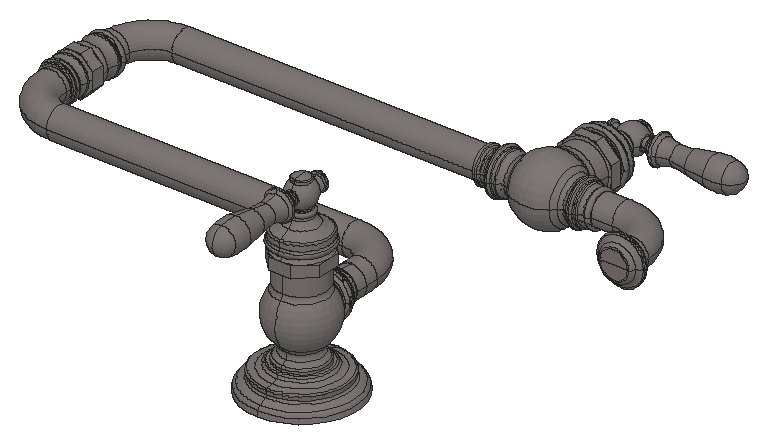
Revit family "Faucet-Wall_Mount-KOHLER-Artifacts-K-99270", category Plumbing Fixtures, host Face, Revit 2022
Family settings
  Host = Face
  Round Connector Dimension = Use Diameter
  Part Type = Normal
  OmniClass Number = 23.45.55.14
  Cut with Voids When Loaded = No
  Maintain Annotation Orientation = No
  Shared = No
  Room Calculation Point = No
Parameters (values of type "DR-Deep Bronze")
  Width = 4 3/4"  # constant formula
  Waste Water Outlet = "Waste Water Outlet"  # constant formula
  Waste Connection = no
  Vent Connection = no
  URL = "https://www.us.kohler.com/us/"
  Type = 5
  Spout Reach = 22"  # constant formula
  Product Page URL = "http://www.us.kohler.com/us/catalog/productDetails.jsp?productNumber=99270"
  Product Name = "Artifacts"  # constant formula
  Product Documentation Link = "http://www.us.kohler.com/onlinecatalog/pdf/K-99270_spec.pdf"
  Pressure = 60.00 psi  # constant formula
  Model = if(Type = 1, "K-99270-CP", if(Type = 2, "K-99270-SN", if(Type = 3, "K-99270-VS", if(Type = 4, "K-99270-2BZ", if(Type = 5, "K-99270-DR", "NA")))))  # "K-99270-DR"
  Material = "Brass Construction"  # constant formula
  MasterFormat 2004 = "22.41.39"  # constant formula
  MasterFormat 1995 = "15410"  # constant formula
  Manufacturer Address = "444 Highland Dr, Kohler, WI 53044"  # constant formula
  Manufacturer = "Kohler Co."  # constant formula
  Length = 13 29/32"  # constant formula
  Hot Water Inlet = "Hot Water Inlet"  # constant formula
  Height = 12 13/32"  # constant formula
  HW Connection = no
  Flow Rate = 3.2 GPM  # constant formula
  Finish = Kohler-Metal-DR-Deep_Bronze
  Faucet Hole Spacing = 0"
  Environmental Product Declaration = ""
  Description = "Wall-mount pot filler"  # constant formula
  Default Elevation = 36"
  Declare Label = ""
  Date Modified = "03/09/2025"  # constant formula
  Date Created = "03/09/2018"  # constant formula
  Copyright = "Copyright Kohler Co."  # constant formula
  Contact Us = "https://www.us.kohler.com/us/static/contact.jsp"
  Cold Water Inlet = "Cold Water Inlet"  # constant formula
  CW Connection = yes
  Assembly Code = "D2020"
  ADA = 1 = 0  # no
Reference planes
  plane 1 "Center (Front/Back)": y = 0
  plane 2: z = 0
  plane 3 "Center (Left/Right)": x = 0
  plane 4: z = 120.65
  plane 5: x = -247.619
  plane 6: x = 105.6
  plane 7: y = -70.017
  plane 8: y = 245.102
Dimensions and locks
  "Width": level to plane 4
  "Length": plane 6 to plane 5
  "Height": plane 8 to plane 7
  aligned and locked: plane 2 to host face
  aligned and locked: level to host face
Automatic sketch dimensions
  host sketch curve to host sketch curve = 96"  (x2)
Nested families
  nested 1: "K-99270" at (0, 0, 0), type "K-99270"
Connectors
  piping at (0, -0.014, 0), diameter 12.7, driven by "Flow Rate", driven by "CW Connection", driven by "Cold Water Inlet", driven by "Pressure"
    settings: on nested 1, index 1, connector inside diameter 24", connector length 0", flow factor 0, pipe flow 3.2 GPM, pressure drop 60.00 psi, fitting loss kfactor 0, connector angle 0.00°, fixture units 0, engagement length 0", angle of deflection 0.00°, flow configuration 0, flow direction 1, fitting loss method 4, system type 20, joint type 0, gender type 0, connector reference index -1, connector utility 1, adjustable connector no, is connector primary yes, connector description "Cold Water Inlet"
Definition of nested family "K-99270"
  Parameters (values of type "K-99270")
    Material = none
    Default Elevation = 0"
  Reference planes
    plane 1 "Center (Front/Back)": y = 0
    plane 2: z = 0
    plane 3 "Center (Left/Right)": x = 0
  Forms (mm)
    Sweep 1, solid, material <- "Material"
      path origin (0.005, 0, 44.281) x (1, 0, 0) y (0, 1, 0)
        loop
          line (90.706, 140.848) -> (90.706, 144.975)
          arc (90.706, 144.975) -> (83.139, 162.857) -> (65.182, 170.242) r 25.526
          line (65.182, 170.242) -> (-209.582, 170.242)
          arc (-209.582, 170.242) -> (-226.516, 163.814) -> (-234.922, 147.77) r 25.524
          line (-234.922, 147.77) -> (-234.922, 97.725)
          arc (-234.922, 97.725) -> (-227.515, 79.698) -> (-209.516, 72.223) r 25.406
          line (-209.516, 72.223) -> (-25.365, 72.223)
          arc (-25.365, 72.223) -> (-7.462, 64.826) -> (0, 46.95) r 25.366
          line (0, 46.95) -> (0, 38.67)
      profile origin (90.71, 140.848, 44.281) x (-1, 0, 0) y (0, 0, 1)
        loop
          circle (0, 0) r 9.525
    Revolve 2, solid, material <- "Material"
      sketch origin (-0.001, 0, 44.053) x (1, 0, 0) y (0, 1, 0)
        loop
          line (-224.108, 141.667) -> (-226.352, 141.667) -> (-226.352, 100.773) -> (-224.121, 100.773)
          arc (-224.121, 100.773) -> (-223.763, 101.011) -> (-223.624, 101.418) r 0.667
          line (-223.624, 101.418) -> (-223.624, 102.956)
          arc (-223.624, 102.956) -> (-223.482, 103.398) -> (-223.11, 103.674) r 0.758
          arc (-223.11, 103.674) -> (-222.687, 104.159) -> (-222.794, 104.794) r 0.752
          arc (-222.794, 104.794) -> (-223.268, 105.587) -> (-223.624, 106.441) r 6.443
          arc (-223.624, 106.441) -> (-223.924, 109.144) -> (-223.081, 111.73) r 6.443
          arc (-223.081, 111.73) -> (-222.989, 112.172) -> (-223.181, 112.58) r 0.712
          arc (-223.181, 112.58) -> (-223.816, 113.033) -> (-224.574, 113.219) r 2.072
          line (-224.574, 113.219) -> (-225.389, 113.219) -> (-225.389, 114.028) -> (-224.493, 114.028)
          arc (-224.493, 114.028) -> (-223.348, 114.505) -> (-222.222, 115.024) r 34.225
          line (-222.222, 115.024) -> (-225.389, 115.024) -> (-225.389, 122.229) -> (-222.222, 122.229)
          arc (-222.222, 122.229) -> (-223.399, 122.717) -> (-224.607, 123.125) r 19.016
          arc (-224.607, 123.125) -> (-223.166, 125.196) -> (-223.289, 127.717) r 3.912
          arc (-223.289, 127.717) -> (-223.934, 131.739) -> (-222.817, 135.656) r 9.4
          arc (-222.817, 135.656) -> (-222.79, 136.307) -> (-223.289, 136.727) r 0.74
          arc (-223.289, 136.727) -> (-223.73, 136.909) -> (-223.912, 137.35) r 0.623
          line (-223.912, 137.35) -> (-223.912, 138.223)
          arc (-223.912, 138.223) -> (-223.748, 138.632) -> (-223.346, 138.814) r 0.591
          arc (-223.346, 138.814) -> (-222.632, 140.533) -> (-224.108, 141.667) r 1.528
        axis (-234.922, 141.667) -> (-234.922, 100.773)
      angle from 0 to 360
    Extrusion 3, solid, material <- "Material"
      sketch origin (0, 0, 0) x (1, 0, 0) y (0, 0, 1)
        loop
          line (-229.662, 56.693) -> (-240.183, 56.693) -> (-247.622, 49.253) -> (-247.622, 38.732) -> (-240.183, 31.293) -> (-229.662, 31.293) -> (-222.222, 38.732) -> (-222.222, 49.253) -> (-229.662, 56.693)
      from -122.229 to -115.024
    Revolve 4, solid, material <- "Material"
      sketch origin (0, 0, 44.053) x (1, 0, 0) y (0, 1, 0)
        loop
          line (-21.461, 161.669) -> (-21.461, 160.75)
          arc (-21.461, 160.75) -> (-20.799, 159.438) -> (-19.351, 159.191) r 1.63
          arc (-19.351, 159.191) -> (-18.874, 159.442) -> (-18.52, 159.848) r 1.465
          arc (-18.52, 159.848) -> (-18.006, 160.471) -> (-17.22, 160.65) r 1.25
          arc (-17.22, 160.65) -> (-15.954, 160.472) -> (-14.703, 160.209) r 18.786
          arc (-14.703, 160.209) -> (-12.692, 159.099) -> (-11.512, 157.129) r 4.412
          arc (-11.512, 157.129) -> (-11.14, 156.491) -> (-10.508, 156.111) r 1.485
          arc (-10.508, 156.111) -> (-10.016, 156.022) -> (-9.518, 156.042) r 2.269
          arc (-9.518, 156.042) -> (-8.926, 156.308) -> (-8.555, 156.84) r 1.214
          arc (-8.555, 156.84) -> (-8.268, 157.22) -> (-7.815, 157.364) r 0.784
          line (-7.815, 157.364) -> (-5.679, 157.364)
          arc (-5.679, 157.364) -> (-5.272, 157.47) -> (-4.968, 157.762) r 0.834
          arc (-4.968, 157.762) -> (-3.355, 159.17) -> (-1.215, 159.272) r 3.256
          arc (-1.215, 159.272) -> (1.129, 158.207) -> (3.091, 156.541) r 9.311
          arc (3.091, 156.541) -> (4.346, 155.252) -> (5.707, 154.076) r 20.723
          arc (5.707, 154.076) -> (18.573, 149.611) -> (31.432, 154.096) r 20.723
          arc (31.432, 154.096) -> (32.793, 155.276) -> (34.047, 156.569) r 20.723
          arc (34.047, 156.569) -> (35.209, 157.533) -> (36.606, 158.105) r 4.991
          arc (36.606, 158.105) -> (37.62, 158.082) -> (38.49, 157.559) r 1.976
          arc (38.49, 157.559) -> (39.003, 157.086) -> (39.566, 156.674) r 6.171
          arc (39.566, 156.674) -> (40.033, 156.491) -> (40.535, 156.506) r 1.251
          arc (40.535, 156.506) -> (40.963, 156.636) -> (41.372, 156.817) r 3.642
          arc (41.372, 156.817) -> (41.778, 157.155) -> (42.006, 157.631) r 1.236
          arc (42.006, 157.631) -> (42.288, 158.085) -> (42.786, 158.279) r 0.842
          line (42.786, 158.279) -> (44.217, 158.278)
          arc (44.217, 158.278) -> (44.615, 158.386) -> (44.904, 158.68) r 0.789
          arc (44.904, 158.68) -> (45.908, 159.851) -> (47.284, 160.551) r 3.966
          arc (47.284, 160.551) -> (48.172, 160.475) -> (48.79, 159.832) r 1.266
          arc (48.79, 159.832) -> (50.582, 159.188) -> (51.717, 160.717) r 1.597
          line (51.717, 160.717) -> (51.717, 161.669) -> (-21.461, 161.669)
        axis (-21.461, 170.242) -> (51.717, 170.242)
      angle from 0 to 360
    Revolve 5, solid, material <- "Material"
      sketch origin (0, 0.001, 44.45) x (1, 0, 0) y (0, 1, 0)
        loop
          line (101.084, 141.639) -> (90.71, 141.639) -> (90.71, 130.161) -> (99.287, 130.161)
          arc (99.287, 130.161) -> (99.696, 130.256) -> (100.05, 130.482) r 1.233
          arc (100.05, 130.482) -> (101.045, 131.533) -> (101.881, 132.715) r 10.126
          arc (101.881, 132.715) -> (103.235, 134.296) -> (105.027, 135.354) r 6.358
          arc (105.027, 135.354) -> (105.408, 135.512) -> (105.566, 135.894) r 0.539
          line (105.566, 135.894) -> (105.566, 137.031)
          arc (105.566, 137.031) -> (105.416, 137.394) -> (105.054, 137.546) r 0.515
          arc (105.054, 137.546) -> (102.93, 138.821) -> (101.815, 141.033) r 4.456
          arc (101.815, 141.033) -> (101.559, 141.468) -> (101.084, 141.639) r 0.743
        axis (90.71, 141.639) -> (90.71, 130.161)
      angle from 0 to 360
    Revolve 6, solid, material <- "Material"
      sketch origin (0, 0, 44.45) x (1, 0, 0) y (0, 1, 0)
        loop
          line (18.544, 181.006) -> (18.544, 228.227) -> (12.947, 228.227)
          arc (12.947, 228.227) -> (13.326, 227.882) -> (13.466, 227.39) r 0.935
          line (13.466, 227.39) -> (13.466, 226.465) -> (12.194, 226.465)
          arc (12.194, 226.465) -> (11.007, 225.641) -> (11.363, 224.24) r 1.268
          arc (11.363, 224.24) -> (11.805, 223.475) -> (11.683, 222.6) r 1.359
          arc (11.683, 222.6) -> (10.281, 220.443) -> (8.452, 218.633) r 12.031
          arc (8.452, 218.633) -> (5.493, 216.636) -> (2.254, 215.132) r 22.513
          arc (2.254, 215.132) -> (1.759, 214.927) -> (1.554, 214.432) r 0.7
          line (1.554, 214.432) -> (1.554, 210.926)
          arc (1.554, 210.926) -> (1.373, 210.19) -> (0.871, 209.621) r 1.589
          arc (0.871, 209.621) -> (0.343, 207.99) -> (1.73, 206.983) r 1.459
          line (1.73, 206.983) -> (3.378, 206.983) -> (3.378, 206.073)
          arc (3.378, 206.073) -> (2.994, 204.8) -> (1.97, 203.951) r 2.303
          line (1.97, 203.951) -> (3.52, 203.951) -> (3.52, 197.778) -> (1.869, 197.778)
          arc (1.869, 197.778) -> (2.639, 197.321) -> (3.52, 197.159) r 2.543
          line (3.52, 197.159) -> (3.52, 187.92)
          arc (3.52, 187.92) -> (3.134, 185.336) -> (2.01, 182.979) r 8.839
          line (2.01, 182.979) -> (2.01, 181.006) -> (18.544, 181.006)
        loop
          line (12.827, 241.883) -> (18.544, 241.883) -> (18.544, 245.059)
          arc (18.544, 245.059) -> (15.905, 244.739) -> (13.416, 243.8) r 11.107
          arc (13.416, 243.8) -> (13.092, 243.578) -> (12.827, 243.287) r 1.676
          line (12.827, 243.287) -> (12.827, 241.883)
        axis (18.544, 245.059) -> (18.544, 181.006)
      angle from 0 to 360
    Revolve 7, solid, material <- "Material"
      sketch origin (0, 0, 43.855) x (1, 0, 0) y (0, 1, 0)
        loop
          line (1.12, 235.071) -> (88.495, 235.071)
          arc (88.495, 235.071) -> (86.02, 240.597) -> (80.799, 243.662) r 9.941
          arc (80.799, 243.662) -> (75.426, 244.457) -> (69.994, 244.446) r 36.5
          arc (69.994, 244.446) -> (63.446, 243.652) -> (56.995, 242.284) r 74.669
          arc (56.995, 242.284) -> (51.845, 241.283) -> (46.611, 240.921) r 42.794
          arc (46.611, 240.921) -> (42.528, 241.333) -> (38.631, 242.617) r 18.92
          arc (38.631, 242.617) -> (37.539, 243.215) -> (36.549, 243.968) r 8.353
          arc (36.549, 243.968) -> (36.043, 244.202) -> (35.505, 244.06) r 0.823
          arc (35.505, 244.06) -> (34.1, 242.654) -> (33.29, 240.838) r 5.466
          line (33.29, 240.838) -> (31.787, 240.838)
          arc (31.787, 240.838) -> (31.381, 240.696) -> (31.154, 240.33) r 0.648
          arc (31.154, 240.33) -> (30.925, 239.77) -> (30.521, 239.318) r 1.786
          arc (30.521, 239.318) -> (30.036, 239.062) -> (29.491, 238.999) r 1.486
          line (29.491, 238.999) -> (27.2, 238.879)
          arc (27.2, 238.879) -> (26.731, 238.965) -> (26.385, 239.291) r 0.838
          arc (26.385, 239.291) -> (18.266, 243.808) -> (10.424, 238.827) r 9.084
          arc (10.424, 238.827) -> (10.207, 238.361) -> (9.736, 238.155) r 0.727
          arc (9.736, 238.155) -> (8.014, 238.525) -> (6.981, 239.953) r 2.459
          arc (6.981, 239.953) -> (6.701, 240.374) -> (6.221, 240.537) r 0.786
          line (6.221, 240.537) -> (4.877, 240.537)
          arc (4.877, 240.537) -> (4.388, 240.35) -> (4.148, 239.885) r 0.734
          arc (4.148, 239.885) -> (4.03, 239.46) -> (3.784, 239.094) r 1.386
          arc (3.784, 239.094) -> (2.652, 237.817) -> (1.587, 236.483) r 33.468
          arc (1.587, 236.483) -> (1.237, 235.816) -> (1.12, 235.071) r 2.3
        axis (1.12, 235.071) -> (88.495, 235.071)
      angle from 0 to 360
    Revolve 8, solid, material <- "Material"
      sketch origin (0, 0, 0) x (0, 1, 0) y (0, 0, 1)
        loop
          line (-16.821, 82.644) -> (-15.179, 82.644) -> (-15.179, 81.508)
          arc (-15.179, 81.508) -> (-15.572, 80.129) -> (-16.635, 79.165) r 2.614
          line (-16.635, 79.165) -> (-15.038, 79.165) -> (-15.038, 60.232)
          arc (-15.038, 60.232) -> (-15.355, 58.357) -> (-16.27, 56.69) r 5.708
          arc (-16.27, 56.69) -> (-20.641, 42.626) -> (-14.436, 29.27) r 20.464
          arc (-14.436, 29.27) -> (-13.198, 27.898) -> (-12.16, 26.369) r 13.427
          arc (-12.16, 26.369) -> (-11.647, 24.372) -> (-12.257, 22.402) r 3.784
          arc (-12.257, 22.402) -> (-13.343, 21.048) -> (-14.675, 19.935) r 8.727
          arc (-14.675, 19.935) -> (-15.224, 19.345) -> (-15.459, 18.574) r 1.797
          arc (-15.459, 18.574) -> (-15.484, 17.847) -> (-15.459, 17.12) r 10.387
          line (-15.459, 17.12) -> (-17.514, 17.12)
          arc (-17.514, 17.12) -> (-17.984, 16.962) -> (-18.264, 16.553) r 0.779
          arc (-18.264, 16.553) -> (-18.792, 15.654) -> (-19.536, 14.925) r 3.964
          arc (-19.536, 14.925) -> (-21.126, 13.972) -> (-22.878, 13.368) r 8.919
          arc (-22.878, 13.368) -> (-24.88, 12.934) -> (-26.893, 12.557) r 72.682
          arc (-26.893, 12.557) -> (-27.411, 12.25) -> (-27.595, 11.677) r 0.847
          line (-27.595, 11.677) -> (-27.146, 9.134)
          arc (-27.146, 9.134) -> (-27.314, 8.248) -> (-28.026, 7.695) r 1.274
          arc (-28.026, 7.695) -> (-30.236, 6.772) -> (-32.226, 5.442) r 12.38
          arc (-32.226, 5.442) -> (-33.249, 4.29) -> (-33.863, 2.878) r 4.885
          arc (-33.863, 2.878) -> (-34.156, 1.45) -> (-34.31, 0) r 14.973
          line (-34.31, 0) -> (-0.014, 0) -> (-0.014, 103.888) -> (-5.603, 103.888)
          arc (-5.603, 103.888) -> (-5.224, 103.544) -> (-5.084, 103.051) r 0.935
          line (-5.084, 103.051) -> (-5.084, 102.126) -> (-6.356, 102.126)
          arc (-6.356, 102.126) -> (-7.543, 101.302) -> (-7.187, 99.901) r 1.268
          arc (-7.187, 99.901) -> (-6.745, 99.136) -> (-6.867, 98.261) r 1.359
          arc (-6.867, 98.261) -> (-8.269, 96.104) -> (-10.098, 94.295) r 12.031
          arc (-10.098, 94.295) -> (-13.007, 92.326) -> (-16.186, 90.834) r 22.513
          arc (-16.186, 90.834) -> (-16.751, 90.675) -> (-16.996, 90.143) r 0.7
          line (-16.996, 90.143) -> (-16.996, 86.663)
          arc (-16.996, 86.663) -> (-17.089, 85.907) -> (-17.59, 85.332) r 1.302
          arc (-17.59, 85.332) -> (-18.218, 83.698) -> (-16.821, 82.644) r 1.454
        loop
          line (-5.723, 117.594) -> (-0.014, 117.594) -> (-0.014, 120.77)
          arc (-0.014, 120.77) -> (-2.65, 120.449) -> (-5.134, 119.511) r 11.107
          arc (-5.134, 119.511) -> (-5.459, 119.29) -> (-5.723, 118.998) r 1.676
          line (-5.723, 118.998) -> (-5.723, 117.594)
        axis (-0.014, 120.77) -> (-0.014, 0)
      angle from 0 to 360
    Revolve 9, solid, material <- "Material"
      sketch origin (0, 0, 0) x (0, 1, 0) y (0, 0, 1)
        loop
          line (17.391, 110.741) -> (-69.984, 110.741)
          arc (-69.984, 110.741) -> (-67.509, 105.216) -> (-62.288, 102.151) r 9.941
          arc (-62.288, 102.151) -> (-56.914, 101.355) -> (-51.482, 101.366) r 36.5
          arc (-51.482, 101.366) -> (-44.935, 102.16) -> (-38.483, 103.529) r 74.669
          arc (-38.483, 103.529) -> (-33.333, 104.529) -> (-28.099, 104.892) r 42.794
          arc (-28.099, 104.892) -> (-24.017, 104.479) -> (-20.119, 103.196) r 18.92
          arc (-20.119, 103.196) -> (-19.028, 102.598) -> (-18.038, 101.844) r 8.353
          arc (-18.038, 101.844) -> (-17.532, 101.611) -> (-16.993, 101.753) r 0.823
          arc (-16.993, 101.753) -> (-15.588, 103.159) -> (-14.779, 104.974) r 5.466
          line (-14.779, 104.974) -> (-13.275, 104.974)
          arc (-13.275, 104.974) -> (-12.849, 105.056) -> (-12.657, 105.444) r 0.488
          arc (-12.657, 105.444) -> (-12.512, 106.011) -> (-12.113, 106.438) r 1.18
          arc (-12.113, 106.438) -> (-11.649, 106.669) -> (-11.146, 106.794) r 2.399
          arc (-11.146, 106.794) -> (-10.453, 106.869) -> (-9.758, 106.906) r 12.499
          line (-9.758, 106.906) -> (-8.541, 106.936)
          arc (-8.541, 106.936) -> (-8.146, 106.827) -> (-7.873, 106.521) r 0.726
          arc (-7.873, 106.521) -> (0.245, 102.004) -> (8.088, 106.985) r 9.084
          arc (8.088, 106.985) -> (8.305, 107.452) -> (8.775, 107.658) r 0.727
          arc (8.775, 107.658) -> (10.444, 107.21) -> (11.531, 105.868) r 2.798
          arc (11.531, 105.868) -> (11.786, 105.412) -> (12.29, 105.275) r 0.673
          line (12.29, 105.275) -> (13.634, 105.275)
          arc (13.634, 105.275) -> (14.111, 105.426) -> (14.344, 105.869) r 0.657
          arc (14.344, 105.869) -> (14.464, 106.298) -> (14.725, 106.659) r 1.263
          arc (14.725, 106.659) -> (15.513, 107.706) -> (16.418, 108.655) r 11.226
          arc (16.418, 108.655) -> (17.107, 109.603) -> (17.391, 110.741) r 3.072
        axis (-69.984, 110.741) -> (17.391, 110.741)
      angle from 0 to 360
    Extrusion 10, solid, material <- "Material"
      sketch origin (0, 0, 0) x (1, 0, 0) y (0, 1, 0)
        loop
          line (7.095, 17.047) -> (-7.039, 17.047) -> (-17.034, 7.053) -> (-17.034, -7.082) -> (-7.039, -17.076) -> (7.095, -17.076) -> (17.089, -7.082) -> (17.089, 7.053) -> (7.095, 17.047)
      from 72.362 to 79.165
    Revolve 11, solid, material <- "Material"
      sketch origin (0, -0.198, 44.132) x (1, 0, 0) y (0, 1, 0)
        loop
          line (0.028, 38.894) -> (-9.497, 38.894) -> (-9.497, 31.756) -> (-8.7, 31.756)
          arc (-8.7, 31.756) -> (-9.224, 31.492) -> (-9.412, 30.937) r 0.774
          arc (-9.412, 30.937) -> (-9.461, 29.54) -> (-9.777, 28.179) r 7.251
          arc (-9.777, 28.179) -> (-10.1, 27.529) -> (-10.588, 26.993) r 2.64
          arc (-10.588, 26.993) -> (-11.252, 26.467) -> (-11.94, 25.974) r 17.206
          arc (-11.94, 25.974) -> (-12.247, 25.666) -> (-12.418, 25.266) r 1.149
          line (-12.418, 25.266) -> (-12.418, 24.106)
          arc (-12.418, 24.106) -> (-12.561, 23.665) -> (-12.935, 23.392) r 0.751
          arc (-12.935, 23.392) -> (-13.983, 22.196) -> (-13.435, 20.704) r 1.557
          arc (-13.435, 20.704) -> (-12.639, 19.817) -> (-12.156, 18.727) r 3.814
          arc (-12.156, 18.727) -> (-12.302, 17.049) -> (-13.488, 15.852) r 2.476
          line (-13.488, 15.852) -> (-15.849, 13.491) -> (-15.849, 12.344) -> (0.028, 12.344) -> (0.028, 38.894)
        axis (0.028, 12.344) -> (0.028, 38.894)
      angle from 0 to 360
    Extrusion 12, solid, material <- "Material"
      sketch origin (0, 0, 0) x (1, 0, 0) y (0, 0, 1)
        loop
          line (25.599, 61.068) -> (11.465, 61.068) -> (1.47, 51.074) -> (1.47, 36.939) -> (11.465, 26.945) -> (25.599, 26.945) -> (35.593, 36.939) -> (35.593, 51.074) -> (25.599, 61.068)
      from -203.951 to -197.778
    Revolve 13, solid, material <- "Material"
      sketch origin (0, -0.198, 44.132) x (-1, 0, 0) y (0, -1, 0)
        loop
          line (0.028, -38.894) -> (0.028, -12.344) -> (-15.849, -12.344) -> (-15.849, -13.491) -> (-13.488, -15.852)
          arc (-13.488, -15.852) -> (-12.302, -17.049) -> (-12.156, -18.727) r 2.476
          arc (-12.156, -18.727) -> (-12.639, -19.817) -> (-13.435, -20.704) r 3.814
          arc (-13.435, -20.704) -> (-13.983, -22.196) -> (-12.935, -23.392) r 1.557
          arc (-12.935, -23.392) -> (-12.561, -23.665) -> (-12.418, -24.106) r 0.751
          line (-12.418, -24.106) -> (-12.418, -25.266)
          arc (-12.418, -25.266) -> (-12.247, -25.666) -> (-11.94, -25.974) r 1.149
          arc (-11.94, -25.974) -> (-11.252, -26.467) -> (-10.588, -26.993) r 17.206
          arc (-10.588, -26.993) -> (-10.1, -27.529) -> (-9.777, -28.179) r 2.64
          arc (-9.777, -28.179) -> (-9.461, -29.54) -> (-9.412, -30.937) r 7.251
          arc (-9.412, -30.937) -> (-9.224, -31.492) -> (-8.7, -31.756) r 0.774
          line (-8.7, -31.756) -> (-9.497, -31.756) -> (-9.497, -38.894) -> (0.028, -38.894)
        axis (0.028, -12.344) -> (0.028, -38.894)
      angle from 0 to 360
  Cuts and joins
    joined: Sweep 1, Extrusion 3, Revolve 5, Revolve 7, Revolve 8, Extrusion 12
    joined: Revolve 2, Revolve 6, Revolve 9
  Lines and regions (mm)
    Masking region 1
      outline origin (0, 0, 0) x (1, 0, 0) y (0, 1, 0)
        loop
          arc (24.141, 228.227) -> (23.762, 227.87) -> (23.622, 227.368) r 0.971
          line (23.622, 227.368) -> (23.622, 226.465) -> (24.894, 226.465)
          arc (24.894, 226.465) -> (26.099, 225.615) -> (25.702, 224.195) r 1.279
          arc (25.702, 224.195) -> (25.24, 223.283) -> (25.607, 222.328) r 1.259
          arc (25.607, 222.328) -> (26.425, 220.955) -> (27.462, 219.739) r 9.483
          arc (27.462, 219.739) -> (30.891, 217.024) -> (34.835, 215.132) r 19.728
          arc (34.835, 215.132) -> (35.388, 214.869) -> (35.534, 214.275) r 0.714
          line (35.534, 214.275) -> (35.534, 210.94)
          arc (35.534, 210.94) -> (35.715, 210.197) -> (36.218, 209.621) r 1.614
          arc (36.218, 209.621) -> (36.746, 207.99) -> (35.359, 206.983) r 1.459
          line (35.359, 206.983) -> (33.718, 206.983) -> (33.718, 205.887)
          arc (33.718, 205.887) -> (33.791, 205.399) -> (34.003, 204.953) r 1.671
          arc (34.003, 204.953) -> (34.708, 204.214) -> (35.618, 203.751) r 3.038
          line (35.618, 203.751) -> (35.618, 197.778) -> (34.858, 197.516)
          arc (34.858, 197.516) -> (34.238, 197.25) -> (33.569, 197.159) r 2.506
          line (33.569, 197.159) -> (33.569, 187.8)
          arc (33.569, 187.8) -> (33.955, 185.274) -> (35.079, 182.979) r 8.452
          arc (35.079, 182.979) -> (35.896, 182.625) -> (36.744, 182.356) r 8.82
          arc (36.744, 182.356) -> (37.521, 182.342) -> (38.218, 182.687) r 1.642
          arc (38.218, 182.687) -> (38.777, 183.209) -> (39.387, 183.671) r 7.508
          arc (39.387, 183.671) -> (39.861, 183.929) -> (40.399, 183.98) r 1.343
          arc (40.399, 183.98) -> (40.96, 183.854) -> (41.479, 183.606) r 2.557
          arc (41.479, 183.606) -> (41.803, 183.303) -> (41.99, 182.9) r 1.16
          arc (41.99, 182.9) -> (42.258, 182.404) -> (42.786, 182.206) r 0.803
          line (42.786, 182.206) -> (44.206, 182.206)
          arc (44.206, 182.206) -> (44.605, 182.097) -> (44.894, 181.799) r 0.786
          arc (44.894, 181.799) -> (45.931, 180.598) -> (47.366, 179.921) r 3.828
          arc (47.366, 179.921) -> (48.213, 180.024) -> (48.79, 180.652) r 1.233
          arc (48.79, 180.652) -> (50.589, 181.316) -> (51.719, 179.767) r 1.59
          line (51.719, 179.767) -> (65.076, 179.767)
          arc (65.076, 179.767) -> (89.774, 169.632) -> (100.235, 145.071) r 35.162
          line (100.235, 145.071) -> (100.235, 141.64) -> (101.084, 141.64)
          arc (101.084, 141.64) -> (101.608, 141.423) -> (101.825, 140.9) r 0.74
          arc (101.825, 140.9) -> (102.978, 138.778) -> (105.054, 137.547) r 4.547
          arc (105.054, 137.547) -> (105.422, 137.388) -> (105.574, 137.017) r 0.53
          line (105.574, 137.017) -> (105.574, 135.871)
          arc (105.574, 135.871) -> (105.403, 135.504) -> (105.027, 135.355) r 0.548
          arc (105.027, 135.355) -> (103.362, 134.384) -> (102.066, 132.958) r 6.343
          arc (102.066, 132.958) -> (101.225, 131.798) -> (100.288, 130.713) r 16.861
          arc (100.288, 130.713) -> (99.858, 130.309) -> (99.287, 130.162) r 1.183
          line (99.287, 130.162) -> (82.134, 130.162)
          arc (82.134, 130.162) -> (81.562, 130.309) -> (81.133, 130.713) r 1.183
          arc (81.133, 130.713) -> (80.196, 131.798) -> (79.354, 132.958) r 16.861
          arc (79.354, 132.958) -> (78.058, 134.384) -> (76.394, 135.355) r 6.343
          arc (76.394, 135.355) -> (76.018, 135.504) -> (75.847, 135.871) r 0.548
          line (75.847, 135.871) -> (75.847, 137.017)
          arc (75.847, 137.017) -> (75.998, 137.388) -> (76.367, 137.547) r 0.53
          arc (76.367, 137.547) -> (78.443, 138.778) -> (79.596, 140.9) r 4.547
          arc (79.596, 140.9) -> (79.813, 141.423) -> (80.336, 141.64) r 0.74
          line (80.336, 141.64) -> (81.186, 141.64) -> (81.186, 144.878)
          arc (81.186, 144.878) -> (76.372, 156.094) -> (65.076, 160.717) r 16.112
          line (65.076, 160.717) -> (51.719, 160.717)
          arc (51.719, 160.717) -> (50.589, 159.168) -> (48.79, 159.832) r 1.59
          arc (48.79, 159.832) -> (48.213, 160.459) -> (47.366, 160.562) r 1.233
          arc (47.366, 160.562) -> (45.931, 159.885) -> (44.894, 158.685) r 3.828
          arc (44.894, 158.685) -> (44.605, 158.387) -> (44.206, 158.278) r 0.786
          line (44.206, 158.278) -> (42.786, 158.278)
          arc (42.786, 158.278) -> (42.258, 158.08) -> (41.99, 157.584) r 0.803
          arc (41.99, 157.584) -> (41.803, 157.181) -> (41.479, 156.878) r 1.16
          arc (41.479, 156.878) -> (40.96, 156.63) -> (40.399, 156.504) r 2.557
          arc (40.399, 156.504) -> (39.861, 156.554) -> (39.387, 156.813) r 1.343
          arc (39.387, 156.813) -> (38.777, 157.275) -> (38.218, 157.796) r 7.508
          arc (38.218, 157.796) -> (37.521, 158.142) -> (36.744, 158.128) r 1.642
          arc (36.744, 158.128) -> (35.896, 157.859) -> (35.079, 157.505) r 8.82
          arc (35.079, 157.505) -> (18.544, 149.657) -> (2.01, 157.505) r 21.342
          arc (2.01, 157.505) -> (0.127, 158.749) -> (-2.022, 159.435) r 8.226
          arc (-2.022, 159.435) -> (-2.817, 159.293) -> (-3.589, 159.056) r 6.603
          arc (-3.589, 159.056) -> (-4.022, 158.829) -> (-4.388, 158.505) r 2.014
          arc (-4.388, 158.505) -> (-4.69, 158.142) -> (-4.968, 157.762) r 7.665
          arc (-4.968, 157.762) -> (-5.296, 157.469) -> (-5.723, 157.364) r 0.916
          line (-5.723, 157.364) -> (-7.798, 157.364)
          arc (-7.798, 157.364) -> (-8.179, 157.266) -> (-8.465, 156.995) r 0.787
          arc (-8.465, 156.995) -> (-9.967, 155.958) -> (-11.469, 156.995) r 1.606
          arc (-11.469, 156.995) -> (-11.911, 157.976) -> (-12.467, 158.896) r 8.882
          arc (-12.467, 158.896) -> (-12.961, 159.408) -> (-13.593, 159.736) r 2.196
          arc (-13.593, 159.736) -> (-14.611, 160.184) -> (-15.697, 160.423) r 5.626
          arc (-15.697, 160.423) -> (-16.393, 160.519) -> (-17.084, 160.644) r 17.228
          arc (-17.084, 160.644) -> (-17.948, 160.51) -> (-18.52, 159.848) r 1.266
          arc (-18.52, 159.848) -> (-20.325, 159.18) -> (-21.477, 160.722) r 1.608
          line (-21.477, 160.722) -> (-209.718, 160.722)
          arc (-209.718, 160.722) -> (-220.093, 156.848) -> (-225.393, 147.123) r 15.834
          line (-225.393, 147.123) -> (-225.393, 141.667) -> (-224.094, 141.667)
          arc (-224.094, 141.667) -> (-222.619, 140.529) -> (-223.346, 138.814) r 1.524
          arc (-223.346, 138.814) -> (-223.748, 138.611) -> (-223.91, 138.191) r 0.626
          line (-223.91, 138.191) -> (-223.91, 137.368)
          arc (-223.91, 137.368) -> (-223.73, 136.922) -> (-223.29, 136.727) r 0.641
          arc (-223.29, 136.727) -> (-222.749, 136.447) -> (-222.738, 135.838) r 0.595
          arc (-222.738, 135.838) -> (-223.959, 131.729) -> (-223.223, 127.505) r 9.378
          arc (-223.223, 127.505) -> (-222.984, 126.471) -> (-223.114, 125.419) r 3.039
          arc (-223.114, 125.419) -> (-223.322, 124.822) -> (-223.574, 124.243) r 8.543
          arc (-223.574, 124.243) -> (-224.006, 123.606) -> (-224.607, 123.125) r 2.581
          line (-224.607, 123.125) -> (-222.222, 122.229) -> (-222.222, 115.024) -> (-224.494, 114.028) -> (-225.389, 114.028) -> (-225.389, 113.219) -> (-224.575, 113.219)
          arc (-224.575, 113.219) -> (-223.823, 113.061) -> (-223.198, 112.615) r 1.871
          arc (-223.198, 112.615) -> (-222.998, 112.195) -> (-223.07, 111.735) r 0.787
          arc (-223.07, 111.735) -> (-223.482, 110.792) -> (-223.808, 109.818) r 11.574
          arc (-223.808, 109.818) -> (-223.995, 108.541) -> (-223.84, 107.26) r 4.864
          arc (-223.84, 107.26) -> (-223.384, 105.93) -> (-222.73, 104.685) r 9.171
          arc (-222.73, 104.685) -> (-222.67, 104.085) -> (-223.11, 103.674) r 0.679
          arc (-223.11, 103.674) -> (-223.496, 103.392) -> (-223.618, 102.931) r 0.716
          line (-223.618, 102.931) -> (-223.618, 101.466)
          arc (-223.618, 101.466) -> (-223.757, 101.037) -> (-224.122, 100.773) r 0.728
          line (-224.122, 100.773) -> (-225.381, 100.773) -> (-225.381, 97.689)
          arc (-225.381, 97.689) -> (-220.775, 86.481) -> (-209.619, 81.75) r 15.939
          line (-209.619, 81.75) -> (-25.469, 81.75)
          arc (-25.469, 81.75) -> (-0.804, 71.582) -> (9.529, 46.985) r 34.999
          line (9.529, 46.985) -> (9.529, 32.93)
          arc (9.529, 32.93) -> (34.256, -1.667) -> (6.313, -33.724) r 34.295
          arc (6.313, -33.724) -> (6.822, -37.271) -> (7.631, -40.761) r 41.936
          arc (7.631, -40.761) -> (8.897, -46.654) -> (9.46, -52.654) r 51.084
          arc (9.46, -52.654) -> (9.319, -57.657) -> (8.556, -62.603) r 40.032
          arc (8.556, -62.603) -> (5.508, -67.726) -> (0, -70.005) r 9.449
          arc (0, -70.005) -> (-5.508, -67.726) -> (-8.556, -62.603) r 9.449
          arc (-8.556, -62.603) -> (-9.319, -57.657) -> (-9.46, -52.654) r 40.032
          arc (-9.46, -52.654) -> (-8.897, -46.654) -> (-7.631, -40.761) r 51.084
          arc (-7.631, -40.761) -> (-6.822, -37.271) -> (-6.313, -33.724) r 41.936
          arc (-6.313, -33.724) -> (-34.256, -1.663) -> (-9.52, 32.933) r 34.295
          line (-9.52, 32.933) -> (-9.52, 46.915)
          arc (-9.52, 46.915) -> (-14.25, 58.085) -> (-25.469, 62.697) r 15.95
          line (-25.469, 62.697) -> (-211.015, 62.697)
          arc (-211.015, 62.697) -> (-234.757, 73.485) -> (-244.465, 97.689) r 35.027
          line (-244.465, 97.689) -> (-244.465, 100.773) -> (-245.724, 100.773)
          arc (-245.724, 100.773) -> (-246.088, 101.037) -> (-246.227, 101.466) r 0.728
          line (-246.227, 101.466) -> (-246.227, 102.931)
          arc (-246.227, 102.931) -> (-246.35, 103.392) -> (-246.736, 103.674) r 0.716
          arc (-246.736, 103.674) -> (-247.176, 104.085) -> (-247.116, 104.685) r 0.679
          arc (-247.116, 104.685) -> (-246.461, 105.93) -> (-246.005, 107.26) r 9.171
          arc (-246.005, 107.26) -> (-245.85, 108.541) -> (-246.038, 109.818) r 4.864
          arc (-246.038, 109.818) -> (-246.364, 110.792) -> (-246.775, 111.735) r 11.574
          arc (-246.775, 111.735) -> (-246.848, 112.195) -> (-246.648, 112.615) r 0.787
          arc (-246.648, 112.615) -> (-246.023, 113.061) -> (-245.271, 113.219) r 1.871
          line (-245.271, 113.219) -> (-244.457, 113.219) -> (-244.457, 114.028) -> (-245.352, 114.028) -> (-247.624, 115.024) -> (-247.624, 122.229) -> (-245.238, 123.125)
          arc (-245.238, 123.125) -> (-245.84, 123.606) -> (-246.272, 124.243) r 2.581
          arc (-246.272, 124.243) -> (-246.523, 124.822) -> (-246.731, 125.419) r 8.543
          arc (-246.731, 125.419) -> (-246.862, 126.471) -> (-246.622, 127.505) r 3.039
          arc (-246.622, 127.505) -> (-245.887, 131.729) -> (-247.108, 135.838) r 9.378
          arc (-247.108, 135.838) -> (-247.097, 136.447) -> (-246.556, 136.727) r 0.595
          arc (-246.556, 136.727) -> (-246.116, 136.922) -> (-245.935, 137.368) r 0.641
          line (-245.935, 137.368) -> (-245.935, 138.191)
          arc (-245.935, 138.191) -> (-246.097, 138.611) -> (-246.499, 138.814) r 0.626
          arc (-246.499, 138.814) -> (-247.226, 140.529) -> (-245.752, 141.667) r 1.524
          line (-245.752, 141.667) -> (-244.443, 141.667) -> (-244.443, 148.323)
          arc (-244.443, 148.323) -> (-233.454, 170.713) -> (-210.214, 179.767) r 34.352
          line (-210.214, 179.767) -> (-21.477, 179.767)
          arc (-21.477, 179.767) -> (-20.322, 181.304) -> (-18.52, 180.635) r 1.608
          arc (-18.52, 180.635) -> (-17.948, 179.973) -> (-17.084, 179.839) r 1.266
          arc (-17.084, 179.839) -> (-16.393, 179.964) -> (-15.697, 180.061) r 17.228
          arc (-15.697, 180.061) -> (-14.611, 180.3) -> (-13.593, 180.748) r 5.626
          arc (-13.593, 180.748) -> (-12.961, 181.075) -> (-12.467, 181.588) r 2.196
          arc (-12.467, 181.588) -> (-11.911, 182.508) -> (-11.469, 183.489) r 8.882
          arc (-11.469, 183.489) -> (-9.967, 184.526) -> (-8.465, 183.489) r 1.606
          arc (-8.465, 183.489) -> (-8.179, 183.218) -> (-7.798, 183.12) r 0.787
          line (-7.798, 183.12) -> (-5.723, 183.12)
          arc (-5.723, 183.12) -> (-5.296, 183.014) -> (-4.968, 182.722) r 0.916
          arc (-4.968, 182.722) -> (-4.69, 182.341) -> (-4.388, 181.979) r 7.665
          arc (-4.388, 181.979) -> (-4.022, 181.654) -> (-3.589, 181.428) r 2.014
          arc (-3.589, 181.428) -> (-2.817, 181.19) -> (-2.022, 181.048) r 6.603
          arc (-2.022, 181.048) -> (0.127, 181.734) -> (2.01, 182.979) r 8.226
          arc (2.01, 182.979) -> (3.134, 185.274) -> (3.52, 187.8) r 8.452
          line (3.52, 187.8) -> (3.52, 197.159)
          arc (3.52, 197.159) -> (2.851, 197.25) -> (2.231, 197.516) r 2.506
          line (2.231, 197.516) -> (1.47, 197.778) -> (1.47, 203.751)
          arc (1.47, 203.751) -> (2.38, 204.214) -> (3.085, 204.953) r 3.038
          arc (3.085, 204.953) -> (3.298, 205.399) -> (3.371, 205.887) r 1.671
          line (3.371, 205.887) -> (3.371, 206.983) -> (1.73, 206.983)
          arc (1.73, 206.983) -> (0.343, 207.99) -> (0.871, 209.621) r 1.459
          arc (0.871, 209.621) -> (1.374, 210.197) -> (1.555, 210.94) r 1.614
          line (1.555, 210.94) -> (1.555, 214.275)
          arc (1.555, 214.275) -> (1.701, 214.869) -> (2.254, 215.132) r 0.714
          arc (2.254, 215.132) -> (6.198, 217.024) -> (9.627, 219.739) r 19.728
          arc (9.627, 219.739) -> (10.664, 220.955) -> (11.481, 222.328) r 9.483
          arc (11.481, 222.328) -> (11.849, 223.283) -> (11.387, 224.195) r 1.259
          arc (11.387, 224.195) -> (10.99, 225.615) -> (12.194, 226.465) r 1.279
          line (12.194, 226.465) -> (13.466, 226.465) -> (13.466, 227.368)
          arc (13.466, 227.368) -> (13.327, 227.87) -> (12.947, 228.227) r 0.971
          arc (12.947, 228.227) -> (11.521, 229.636) -> (10.424, 231.315) r 9.445
          arc (10.424, 231.315) -> (10.187, 231.761) -> (9.736, 231.988) r 0.83
          arc (9.736, 231.988) -> (8.347, 231.8) -> (7.288, 230.881) r 2.449
          arc (7.288, 230.881) -> (7.06, 230.455) -> (6.898, 229.999) r 3.225
          arc (6.898, 229.999) -> (6.599, 229.712) -> (6.198, 229.608) r 0.823
          line (6.198, 229.608) -> (4.866, 229.608)
          arc (4.866, 229.608) -> (4.385, 229.788) -> (4.14, 230.24) r 0.734
          arc (4.14, 230.24) -> (3.976, 230.766) -> (3.653, 231.212) r 1.705
          arc (3.653, 231.212) -> (2.632, 232.319) -> (1.708, 233.509) r 17.656
          arc (1.708, 233.509) -> (1.312, 234.252) -> (1.117, 235.071) r 3.302
          arc (1.117, 235.071) -> (1.312, 235.89) -> (1.708, 236.634) r 3.302
          arc (1.708, 236.634) -> (2.632, 237.823) -> (3.653, 238.93) r 17.656
          arc (3.653, 238.93) -> (3.976, 239.376) -> (4.14, 239.902) r 1.705
          arc (4.14, 239.902) -> (4.385, 240.354) -> (4.866, 240.534) r 0.734
          line (4.866, 240.534) -> (6.198, 240.534)
          arc (6.198, 240.534) -> (6.599, 240.43) -> (6.898, 240.143) r 0.823
          arc (6.898, 240.143) -> (7.06, 239.687) -> (7.288, 239.261) r 3.225
          arc (7.288, 239.261) -> (8.347, 238.342) -> (9.736, 238.155) r 2.449
          arc (9.736, 238.155) -> (10.187, 238.381) -> (10.424, 238.827) r 0.83
          arc (10.424, 238.827) -> (11.472, 240.446) -> (12.827, 241.818) r 9.445
          line (12.827, 241.818) -> (12.827, 243.287)
          arc (12.827, 243.287) -> (13.688, 243.894) -> (14.636, 244.352) r 6.471
          arc (14.636, 244.352) -> (18.487, 245.072) -> (22.338, 244.352) r 10.67
          arc (22.338, 244.352) -> (23.336, 243.886) -> (24.262, 243.287) r 8.083
          line (24.262, 243.287) -> (24.262, 241.772)
          arc (24.262, 241.772) -> (25.392, 240.685) -> (26.318, 239.419) r 9.068
          arc (26.318, 239.419) -> (26.675, 239.012) -> (27.2, 238.879) r 0.914
          line (27.2, 238.879) -> (29.491, 238.999)
          arc (29.491, 238.999) -> (29.938, 239.064) -> (30.366, 239.207) r 2.499
          arc (30.366, 239.207) -> (30.894, 239.63) -> (31.142, 240.26) r 1.313
          arc (31.142, 240.26) -> (31.312, 240.669) -> (31.721, 240.838) r 0.579
          line (31.721, 240.838) -> (33.29, 240.838)
          arc (33.29, 240.838) -> (34.194, 242.795) -> (35.825, 244.202) r 5.09
          arc (35.825, 244.202) -> (36.21, 244.157) -> (36.549, 243.968) r 0.99
          arc (36.549, 243.968) -> (40.339, 241.752) -> (44.662, 240.989) r 12.44
          arc (44.662, 240.989) -> (48.393, 241.09) -> (52.115, 241.372) r 77.138
          arc (52.115, 241.372) -> (55.662, 241.88) -> (59.152, 242.69) r 41.936
          arc (59.152, 242.69) -> (65.045, 243.955) -> (71.045, 244.518) r 51.084
          arc (71.045, 244.518) -> (76.048, 244.378) -> (80.994, 243.615) r 40.032
          arc (80.994, 243.615) -> (86.117, 240.567) -> (88.396, 235.059) r 9.449
          arc (88.396, 235.059) -> (86.117, 229.55) -> (80.994, 226.503) r 9.449
          arc (80.994, 226.503) -> (76.048, 225.739) -> (71.045, 225.599) r 40.032
          arc (71.045, 225.599) -> (65.045, 226.162) -> (59.152, 227.428) r 51.084
          arc (59.152, 227.428) -> (55.662, 228.237) -> (52.115, 228.746) r 41.936
          arc (52.115, 228.746) -> (48.696, 229.022) -> (45.269, 229.168) r 90.274
          arc (45.269, 229.168) -> (40.641, 228.452) -> (36.549, 226.174) r 13.282
          arc (36.549, 226.174) -> (36.142, 225.978) -> (35.69, 225.99) r 0.961
          arc (35.69, 225.99) -> (34.175, 227.419) -> (33.29, 229.304) r 5.572
          line (33.29, 229.304) -> (31.721, 229.304)
          arc (31.721, 229.304) -> (31.312, 229.473) -> (31.142, 229.883) r 0.579
          arc (31.142, 229.883) -> (30.894, 230.512) -> (30.366, 230.935) r 1.313
          arc (30.366, 230.935) -> (29.938, 231.078) -> (29.491, 231.143) r 2.499
          line (29.491, 231.143) -> (27.2, 231.263)
          arc (27.2, 231.263) -> (26.675, 231.13) -> (26.318, 230.723) r 0.914
          arc (26.318, 230.723) -> (25.315, 229.371) -> (24.08, 228.227) r 9.068
    Masking region 2
      outline origin (0, 0, 0) x (1, 0, 0) y (0, 0, 1)
        loop
          arc (-5.709, 118.338) -> (-9.451, 109.751) -> (-4.01, 102.126) r 9.502
          line (-4.01, 102.126) -> (-6.341, 102.126)
          arc (-6.341, 102.126) -> (-7.451, 101.465) -> (-7.397, 100.175) r 1.261
          arc (-7.397, 100.175) -> (-7.135, 99.816) -> (-6.839, 99.485) r 4.429
          arc (-6.839, 99.485) -> (-6.725, 98.781) -> (-6.936, 98.1) r 1.565
          arc (-6.936, 98.1) -> (-9.329, 95.015) -> (-12.437, 92.652) r 15.011
          arc (-12.437, 92.652) -> (-14.274, 91.681) -> (-16.172, 90.834) r 31.201
          arc (-16.172, 90.834) -> (-16.74, 90.638) -> (-16.981, 90.088) r 0.748
          line (-16.981, 90.088) -> (-16.981, 86.663)
          arc (-16.981, 86.663) -> (-17.023, 86.206) -> (-17.147, 85.765) r 2.504
          arc (-17.147, 85.765) -> (-17.377, 85.421) -> (-17.734, 85.211) r 0.933
          arc (-17.734, 85.211) -> (-18.145, 84.578) -> (-18.222, 83.827) r 1.605
          arc (-18.222, 83.827) -> (-17.766, 82.982) -> (-16.867, 82.644) r 1.368
          line (-16.867, 82.644) -> (-15.13, 82.644) -> (-15.13, 81.335)
          arc (-15.13, 81.335) -> (-15.669, 79.832) -> (-17.04, 79.014) r 2.365
          line (-17.04, 79.014) -> (-17.04, 72.362) -> (-15.05, 72.362) -> (-15.05, 59.946)
          arc (-15.05, 59.946) -> (-15.403, 58.041) -> (-16.416, 56.389) r 5.315
          arc (-16.416, 56.389) -> (-17.348, 55.165) -> (-18.069, 53.806) r 9.402
          arc (-18.069, 53.806) -> (-18.515, 54.53) -> (-19.204, 55.028) r 2.173
          arc (-19.204, 55.028) -> (-20.614, 54.973) -> (-21.408, 53.806) r 1.566
          line (-21.408, 53.806) -> (-226.775, 53.806) -> (-229.662, 56.693) -> (-240.183, 56.693) -> (-247.622, 49.253) -> (-247.622, 38.732) -> (-240.183, 31.293) -> (-229.662, 31.293) -> (-226.198, 34.756) -> (-21.461, 34.756)
          arc (-21.461, 34.756) -> (-20.898, 33.341) -> (-19.418, 32.98) r 1.66
          arc (-19.418, 32.98) -> (-18.499, 33.697) -> (-18.431, 34.861) r 1.414
          arc (-18.431, 34.861) -> (-17.229, 32.584) -> (-15.631, 30.572) r 12.649
          arc (-15.631, 30.572) -> (-14.035, 28.853) -> (-12.527, 27.056) r 47.023
          arc (-12.527, 27.056) -> (-11.875, 25.886) -> (-11.638, 24.568) r 4.074
          arc (-11.638, 24.568) -> (-11.908, 23.056) -> (-12.719, 21.751) r 4.074
          arc (-12.719, 21.751) -> (-13.1, 21.233) -> (-13.581, 20.805) r 3.076
          arc (-13.581, 20.805) -> (-14.261, 20.286) -> (-14.911, 19.728) r 14.7
          arc (-14.911, 19.728) -> (-15.314, 19.167) -> (-15.457, 18.49) r 1.674
          line (-15.457, 18.49) -> (-15.457, 17.12) -> (-17.5, 17.12)
          arc (-17.5, 17.12) -> (-17.97, 16.962) -> (-18.25, 16.553) r 0.779
          arc (-18.25, 16.553) -> (-18.503, 15.983) -> (-18.907, 15.508) r 2.189
          arc (-18.907, 15.508) -> (-20.093, 14.588) -> (-21.385, 13.827) r 11.792
          arc (-21.385, 13.827) -> (-24.109, 13.074) -> (-26.886, 12.557) r 33
          arc (-26.886, 12.557) -> (-27.409, 12.256) -> (-27.58, 11.677) r 0.812
          arc (-27.58, 11.677) -> (-27.489, 10.998) -> (-27.343, 10.329) r 8.505
          arc (-27.343, 10.329) -> (-27.196, 9.622) -> (-27.12, 8.904) r 7.258
          arc (-27.12, 8.904) -> (-27.375, 8.1) -> (-28.099, 7.666) r 1.191
          arc (-28.099, 7.666) -> (-30.772, 6.451) -> (-33.035, 4.581) r 11.143
          arc (-33.035, 4.581) -> (-33.992, 2.381) -> (-34.295, 0) r 8.486
          line (-34.295, 0) -> (0, 0) -> (34.295, 0)
          arc (34.295, 0) -> (33.992, 2.381) -> (33.035, 4.581) r 8.486
          arc (33.035, 4.581) -> (30.772, 6.451) -> (28.099, 7.666) r 11.143
          arc (28.099, 7.666) -> (27.375, 8.1) -> (27.12, 8.904) r 1.191
          arc (27.12, 8.904) -> (27.196, 9.622) -> (27.343, 10.329) r 7.258
          arc (27.343, 10.329) -> (27.489, 10.998) -> (27.58, 11.677) r 8.505
          arc (27.58, 11.677) -> (27.409, 12.256) -> (26.886, 12.557) r 0.812
          arc (26.886, 12.557) -> (24.109, 13.074) -> (21.385, 13.827) r 33
          arc (21.385, 13.827) -> (20.093, 14.588) -> (18.907, 15.508) r 11.792
          arc (18.907, 15.508) -> (18.503, 15.983) -> (18.25, 16.553) r 2.189
          arc (18.25, 16.553) -> (17.97, 16.962) -> (17.5, 17.12) r 0.779
          line (17.5, 17.12) -> (15.457, 17.12) -> (15.457, 18.49)
          arc (15.457, 18.49) -> (15.314, 19.167) -> (14.911, 19.728) r 1.674
          arc (14.911, 19.728) -> (14.261, 20.286) -> (13.581, 20.805) r 14.7
          arc (13.581, 20.805) -> (13.1, 21.233) -> (12.719, 21.751) r 3.076
          arc (12.719, 21.751) -> (11.908, 23.056) -> (11.638, 24.568) r 4.074
          arc (11.638, 24.568) -> (24.232, 24.185) -> (34.787, 31.064) r 21.048
          arc (34.787, 31.064) -> (35.4, 31.435) -> (36.044, 31.748) r 7.925
          arc (36.044, 31.748) -> (37.248, 31.977) -> (38.363, 31.468) r 2.023
          arc (38.363, 31.468) -> (39.042, 30.897) -> (39.76, 30.378) r 12.063
          arc (39.76, 30.378) -> (41.242, 30.561) -> (42.161, 31.738) r 1.951
          arc (42.161, 31.738) -> (42.4, 32.044) -> (42.786, 32.089) r 0.505
          line (42.786, 32.089) -> (44.234, 32.089)
          arc (44.234, 32.089) -> (44.734, 32.265) -> (45.015, 32.714) r 0.801
          arc (45.015, 32.714) -> (45.948, 33.673) -> (47.121, 34.318) r 4.521
          arc (47.121, 34.318) -> (48.086, 34.303) -> (48.79, 33.643) r 1.338
          arc (48.79, 33.643) -> (49.119, 33.236) -> (49.596, 33.018) r 1.144
          arc (49.596, 33.018) -> (50.049, 32.967) -> (50.505, 32.995) r 2.647
          arc (50.505, 32.995) -> (51.462, 33.61) -> (51.632, 34.735) r 1.381
          line (51.632, 34.735) -> (67.244, 34.735)
          arc (67.244, 34.735) -> (72.634, 34.364) -> (78.024, 34.735) r 39.29
          line (78.024, 34.735) -> (79.46, 34.735)
          arc (79.46, 34.735) -> (105.573, 44.685) -> (79.158, 53.804) r 14.865
          line (79.158, 53.804) -> (51.682, 53.804)
          arc (51.682, 53.804) -> (51.329, 54.669) -> (50.505, 55.111) r 1.381
          arc (50.505, 55.111) -> (50.049, 55.139) -> (49.596, 55.088) r 2.647
          arc (49.596, 55.088) -> (49.119, 54.87) -> (48.79, 54.463) r 1.144
          arc (48.79, 54.463) -> (48.086, 53.803) -> (47.121, 53.789) r 1.338
          arc (47.121, 53.789) -> (45.948, 54.433) -> (45.015, 55.392) r 4.521
          arc (45.015, 55.392) -> (44.734, 55.842) -> (44.234, 56.017) r 0.801
          line (44.234, 56.017) -> (42.786, 56.017)
          arc (42.786, 56.017) -> (42.4, 56.062) -> (42.161, 56.368) r 0.505
          arc (42.161, 56.368) -> (41.242, 57.545) -> (39.76, 57.728) r 1.951
          arc (39.76, 57.728) -> (39.042, 57.209) -> (38.363, 56.638) r 12.063
          arc (38.363, 56.638) -> (37.248, 56.129) -> (36.044, 56.358) r 2.023
          arc (36.044, 56.358) -> (34.616, 57.16) -> (33.383, 58.238) r 7.925
          arc (33.383, 58.238) -> (25.023, 63.641) -> (15.099, 64.41) r 20.256
          line (15.099, 64.41) -> (15.099, 72.362) -> (17.089, 72.362) -> (17.089, 79.014)
          arc (17.089, 79.014) -> (15.719, 79.832) -> (15.18, 81.335) r 2.365
          line (15.18, 81.335) -> (15.18, 82.644) -> (16.867, 82.644)
          arc (16.867, 82.644) -> (17.766, 82.982) -> (18.222, 83.827) r 1.368
          arc (18.222, 83.827) -> (18.145, 84.578) -> (17.734, 85.211) r 1.605
          arc (17.734, 85.211) -> (17.377, 85.421) -> (17.147, 85.765) r 0.933
          arc (17.147, 85.765) -> (17.023, 86.206) -> (16.981, 86.663) r 2.504
          line (16.981, 86.663) -> (16.981, 90.088)
          arc (16.981, 90.088) -> (16.74, 90.638) -> (16.172, 90.834) r 0.748
          arc (16.172, 90.834) -> (14.274, 91.681) -> (12.437, 92.652) r 31.201
          arc (12.437, 92.652) -> (9.329, 95.015) -> (6.936, 98.1) r 15.011
          arc (6.936, 98.1) -> (6.725, 98.781) -> (6.839, 99.485) r 1.565
          arc (6.839, 99.485) -> (7.135, 99.816) -> (7.397, 100.175) r 4.429
          arc (7.397, 100.175) -> (7.451, 101.465) -> (6.341, 102.126) r 1.261
          line (6.341, 102.126) -> (4.01, 102.126)
          arc (4.01, 102.126) -> (9.451, 109.751) -> (5.709, 118.338) r 9.502
        loop
          line (5.709, 118.188) -> (5.709, 118.998)
          arc (5.709, 118.998) -> (5.376, 119.341) -> (4.97, 119.592) r 1.961
          arc (4.97, 119.592) -> (3.744, 120.091) -> (2.477, 120.475) r 14.364
          arc (2.477, 120.475) -> (0.02, 120.782) -> (-2.437, 120.475) r 9.997
          arc (-2.437, 120.475) -> (-3.427, 120.199) -> (-4.402, 119.877) r 21.803
          arc (-4.402, 119.877) -> (-5.111, 119.52) -> (-5.709, 118.998) r 3.187
          line (-5.709, 118.998) -> (-5.709, 118.188)
    Masking region 3
      outline origin (0, 0, 0) x (0, 1, 0) y (0, 0, 1)
        loop
          arc (-5.694, 103.992) -> (-6.911, 105.147) -> (-7.873, 106.521) r 8.37
          arc (-7.873, 106.521) -> (-8.154, 106.815) -> (-8.541, 106.936) r 0.813
          arc (-8.541, 106.936) -> (-9.782, 106.922) -> (-11.018, 106.807) r 15.364
          arc (-11.018, 106.807) -> (-11.505, 106.7) -> (-11.967, 106.515) r 3.014
          arc (-11.967, 106.515) -> (-12.436, 106.111) -> (-12.656, 105.532) r 1.26
          arc (-12.656, 105.532) -> (-12.739, 105.147) -> (-13.093, 104.974) r 0.451
          line (-13.093, 104.974) -> (-14.779, 104.974)
          arc (-14.779, 104.974) -> (-15.345, 103.542) -> (-16.302, 102.337) r 5.239
          arc (-16.302, 102.337) -> (-16.744, 101.966) -> (-17.224, 101.647) r 5.239
          arc (-17.224, 101.647) -> (-17.671, 101.581) -> (-18.038, 101.844) r 0.602
          arc (-18.038, 101.844) -> (-21.047, 103.594) -> (-24.396, 104.543) r 13.922
          arc (-24.396, 104.543) -> (-26.073, 104.752) -> (-27.757, 104.871) r 31.577
          arc (-27.757, 104.871) -> (-29.79, 104.871) -> (-31.816, 104.693) r 23.221
          arc (-31.816, 104.693) -> (-35.041, 104.196) -> (-38.243, 103.56) r 75.841
          arc (-38.243, 103.56) -> (-42.554, 102.658) -> (-46.883, 101.851) r 197.765
          arc (-46.883, 101.851) -> (-51.274, 101.325) -> (-55.695, 101.273) r 41.184
          arc (-55.695, 101.273) -> (-58.874, 101.529) -> (-62.023, 102.031) r 41.184
          arc (-62.023, 102.031) -> (-64.946, 103.121) -> (-67.375, 105.077) r 9.772
          arc (-67.375, 105.077) -> (-69.119, 107.712) -> (-70.017, 110.741) r 10.692
          arc (-70.017, 110.741) -> (-69.119, 113.771) -> (-67.375, 116.406) r 10.692
          arc (-67.375, 116.406) -> (-64.946, 118.361) -> (-62.023, 119.451) r 9.772
          arc (-62.023, 119.451) -> (-58.874, 119.953) -> (-55.695, 120.21) r 41.184
          arc (-55.695, 120.21) -> (-51.274, 120.158) -> (-46.883, 119.631) r 41.184
          arc (-46.883, 119.631) -> (-42.554, 118.825) -> (-38.243, 117.923) r 197.765
          arc (-38.243, 117.923) -> (-35.041, 117.287) -> (-31.816, 116.79) r 75.841
          arc (-31.816, 116.79) -> (-29.79, 116.612) -> (-27.757, 116.612) r 23.221
          arc (-27.757, 116.612) -> (-26.073, 116.731) -> (-24.396, 116.939) r 31.577
          arc (-24.396, 116.939) -> (-21.047, 117.888) -> (-18.038, 119.639) r 13.922
          arc (-18.038, 119.639) -> (-17.671, 119.902) -> (-17.224, 119.836) r 0.602
          arc (-17.224, 119.836) -> (-16.744, 119.516) -> (-16.302, 119.146) r 5.239
          arc (-16.302, 119.146) -> (-15.345, 117.94) -> (-14.779, 116.508) r 5.239
          line (-14.779, 116.508) -> (-13.093, 116.508)
          arc (-13.093, 116.508) -> (-12.739, 116.336) -> (-12.656, 115.95) r 0.451
          arc (-12.656, 115.95) -> (-12.436, 115.372) -> (-11.967, 114.968) r 1.26
          arc (-11.967, 114.968) -> (-11.505, 114.782) -> (-11.018, 114.676) r 3.014
          arc (-11.018, 114.676) -> (-9.782, 114.561) -> (-8.541, 114.547) r 15.364
          arc (-8.541, 114.547) -> (-8.154, 114.668) -> (-7.873, 114.961) r 0.813
          arc (-7.873, 114.961) -> (-6.911, 116.336) -> (-5.694, 117.491) r 8.37
          line (-5.694, 117.491) -> (-5.694, 119.021)
          arc (-5.694, 119.021) -> (-4.375, 119.846) -> (-2.916, 120.391) r 7.742
          arc (-2.916, 120.391) -> (-0.038, 120.762) -> (2.841, 120.391) r 11.336
          arc (2.841, 120.391) -> (3.59, 120.166) -> (4.322, 119.89) r 11.336
          arc (4.322, 119.89) -> (5.063, 119.529) -> (5.694, 118.998) r 3.386
          line (5.694, 118.998) -> (5.694, 117.491)
          arc (5.694, 117.491) -> (7.025, 116.101) -> (8.088, 114.497) r 10.794
          arc (8.088, 114.497) -> (8.409, 113.997) -> (8.979, 113.83) r 0.849
          arc (8.979, 113.83) -> (9.677, 113.957) -> (10.33, 114.233) r 3.261
          arc (10.33, 114.233) -> (11.052, 114.819) -> (11.531, 115.614) r 2.69
          arc (11.531, 115.614) -> (11.788, 116.068) -> (12.29, 116.207) r 0.681
          line (12.29, 116.207) -> (13.634, 116.207)
          arc (13.634, 116.207) -> (14.043, 116.085) -> (14.319, 115.759) r 0.746
          arc (14.319, 115.759) -> (14.43, 115.251) -> (14.725, 114.824) r 1.349
          arc (14.725, 114.824) -> (15.545, 113.743) -> (16.492, 112.77) r 11.065
          arc (16.492, 112.77) -> (17.388, 110.748) -> (16.492, 108.725) r 2.732
          arc (16.492, 108.725) -> (15.543, 107.748) -> (14.725, 106.659) r 10.837
          arc (14.725, 106.659) -> (14.43, 106.231) -> (14.319, 105.724) r 1.349
          arc (14.319, 105.724) -> (14.043, 105.398) -> (13.634, 105.275) r 0.746
          line (13.634, 105.275) -> (12.29, 105.275)
          arc (12.29, 105.275) -> (11.788, 105.415) -> (11.531, 105.868) r 0.681
          arc (11.531, 105.868) -> (11.052, 106.664) -> (10.33, 107.25) r 2.69
          arc (10.33, 107.25) -> (9.677, 107.525) -> (8.979, 107.653) r 3.261
          arc (8.979, 107.653) -> (8.409, 107.486) -> (8.088, 106.985) r 0.849
          arc (8.088, 106.985) -> (6.975, 105.32) -> (5.574, 103.888) r 10.794
          arc (5.574, 103.888) -> (5.196, 103.564) -> (5.055, 103.087) r 0.879
          line (5.055, 103.087) -> (5.055, 102.126) -> (6.327, 102.126)
          arc (6.327, 102.126) -> (7.46, 101.409) -> (7.297, 100.078) r 1.254
          arc (7.297, 100.078) -> (6.747, 99.24) -> (6.875, 98.246) r 1.445
          arc (6.875, 98.246) -> (7.98, 96.492) -> (9.352, 94.937) r 12.883
          arc (9.352, 94.937) -> (10.341, 94.077) -> (11.412, 93.321) r 12.883
          arc (11.412, 93.321) -> (13.698, 91.913) -> (16.158, 90.834) r 19.389
          arc (16.158, 90.834) -> (16.725, 90.647) -> (16.967, 90.101) r 0.737
          line (16.967, 90.101) -> (16.967, 86.663)
          arc (16.967, 86.663) -> (16.997, 86.256) -> (17.087, 85.857) r 2.758
          arc (17.087, 85.857) -> (17.513, 85.461) -> (17.905, 85.031) r 7.117
          arc (17.905, 85.031) -> (18.108, 83.483) -> (16.792, 82.644) r 1.453
          line (16.792, 82.644) -> (15.15, 82.644) -> (15.15, 81.45)
          arc (15.15, 81.45) -> (15.236, 80.823) -> (15.488, 80.242) r 2.33
          arc (15.488, 80.242) -> (16.158, 79.469) -> (17.047, 78.964) r 3.031
          line (17.047, 78.964) -> (17.047, 72.362) -> (15.012, 72.362) -> (15.012, 60.214)
          arc (15.012, 60.214) -> (15.175, 58.891) -> (15.654, 57.648) r 5.448
          arc (15.654, 57.648) -> (16.619, 56.456) -> (18.137, 56.244) r 2.09
          arc (18.137, 56.244) -> (19.57, 56.832) -> (20.761, 57.821) r 5.109
          arc (20.761, 57.821) -> (22.185, 58.112) -> (23.203, 57.074) r 1.52
          arc (23.203, 57.074) -> (23.445, 56.716) -> (23.855, 56.578) r 0.677
          line (23.855, 56.578) -> (25.067, 56.578)
          arc (25.067, 56.578) -> (25.475, 56.451) -> (25.74, 56.117) r 0.721
          arc (25.74, 56.117) -> (26.405, 55.252) -> (27.111, 54.42) r 22.846
          arc (27.111, 54.42) -> (27.654, 54.109) -> (28.232, 53.866) r 5.175
          arc (28.232, 53.866) -> (29.078, 53.646) -> (29.95, 53.572) r 5.175
          line (29.95, 53.572) -> (30.766, 53.572)
          arc (30.766, 53.572) -> (31.298, 53.368) -> (31.558, 52.861) r 0.797
          line (31.558, 52.861) -> (31.558, 53.81) -> (100.773, 53.81) -> (100.773, 54.854)
          arc (100.773, 54.854) -> (101.028, 55.218) -> (101.449, 55.357) r 0.706
          line (101.449, 55.357) -> (103.022, 55.357)
          arc (103.022, 55.357) -> (103.412, 55.529) -> (103.674, 55.866) r 0.867
          arc (103.674, 55.866) -> (104.036, 56.241) -> (104.555, 56.288) r 0.747
          line (104.555, 56.288) -> (105.299, 55.867)
          arc (105.299, 55.867) -> (106.318, 55.393) -> (107.412, 55.139) r 5.433
          arc (107.412, 55.139) -> (109.53, 55.113) -> (111.537, 55.793) r 6.283
          arc (111.537, 55.793) -> (111.949, 55.973) -> (112.392, 55.888) r 0.758
          arc (112.392, 55.888) -> (112.96, 55.372) -> (113.219, 54.648) r 1.582
          line (113.219, 54.648) -> (113.219, 53.801) -> (114.028, 53.801) -> (114.129, 54.705) -> (115.024, 56.693) -> (122.229, 56.693)
          arc (122.229, 56.693) -> (122.733, 55.552) -> (123.125, 54.369) r 12.95
          arc (123.125, 54.369) -> (123.732, 55.044) -> (124.494, 55.537) r 3.45
          arc (124.494, 55.537) -> (126.318, 55.948) -> (128.141, 55.537) r 4.258
